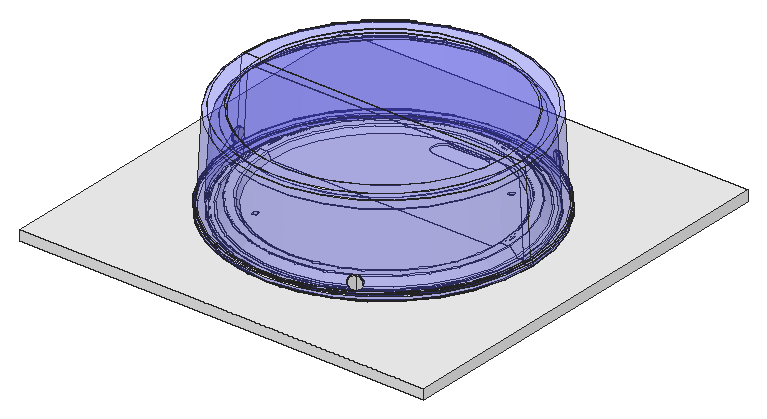
Revit family "BE_78635_de_DE", category Leuchten, Revit 2015
Parameters (values of type "BEGA_78635_K3")
  built-in parameter 1150104 = 13.8 (stored number, unit not read)
  Wattage = 9.2903 W
  Default Elevation = 0 mm
  built-in parameter 1150113 = 1 (stored number, unit not read)
  built-in parameter 1114218 = 1 (stored number, unit not read)
  Umgebungstemperatur = ""
  URL = "http://www.bega.de/produkt/78635"
  Typenkommentare = "© 2017 BEGA. Wir behalten uns das Recht vor, technische Änderungen ohne vorherige Ankündigung vorzunehmen."  # constant formula
  built-in parameter 1150134 = (empty or 0)
  built-in parameter 1150109 = 1 (stored number, unit not read)
  Strom = ""
  built-in parameter 1150110 = 1 (stored number, unit not read)
  Spannung = 239.996 V
  Sonderanfertigung = no
  Sockeltyp = ""
  Sockelanzahl = ""
  Seriennummer [instance] = "Hier können Sie die eindeutige Seriennummer für das Facility Management eintragen."
  Schutzklasse = "I"
  Schutzart = "IP 20"
  Scheinlast = 0 VA
  Produktdatenblatt = "http://www.bega.de/download/Xrfa/db/78635.db.de.pdf"
  Oberflächentemperatur = ""
  Neigungswinkel = 0.00°
  Modell = "78635"
  Material_17 = BEGA_Reflektor
  Material_15 = BEGA_Leuchtmedium_matt
  Material_11 = BEGA_Glas_opal
  Material_09 = BEGA_Glas_klar
  Material_06 = BEGA_Oberfläche_Edelstahl_gebürstet
  Material_05 = BEGA_Oberfläche_Aluminium Guss
  Material_03 = BEGA_Oberfläche_Weiss_matt
  Material_02 = BEGA_Oberfläche_Silber_matt
  Material_01 [instance] = BEGA_Oberfläche_Grafit_matt
  M_W = no
  M_G = no
  M_A = no
  Logo = 0
  built-in parameter 1114217 = 1 (stored number, unit not read)
  built-in parameter 1150139 = (empty or 0)
  built-in parameter 1150105 = 109.82 (stored number, unit not read)
  built-in parameter 1150114 = 1 (stored number, unit not read)
  Lumens = 1380 lm
  built-in parameter 1150115 = 1 (stored number, unit not read)
  Leuchtenlichtstrom = "1141 lm"
  Leuchtenanzahl = ""
  Lebensdauerkriterien = "L70 = 50.000 h"
  Lastklassifizierung = Beleuchtung
  built-in parameter 1150112 = 1 (stored number, unit not read)
  Lampenlichtstrom = "1860 lm"
  Lampe = "LED 11.6 W"
  LED_Modulbezeichnung = "4x LED-0293/930"
  Hersteller = "BEGA"  # constant formula
  Halbstreuwinkel = ""
  Gewicht = "3.5 kg"
  Gebrauchslageneinschränkung [instance] = ""
  Frequenz = "0/50-60 Hz"
  Farbwiedergabeindex = "Ra > 90"
  Farbtemperaturverschiebung bei Dämpfen der Lampe = <Keine Auswahl>
  Farbtemperatur = "3000 K"
  Color Filter = 16777215
  built-in parameter 1150133 = 10 (stored number, unit not read)
  Energieeffizienzklasse = "LED A++ - A"
  built-in parameter 1150137 = (empty or 0)
  built-in parameter 1150132 = (empty or 0)
  ENEC = ""
  Dimmbar [instance] = ""
  Datei für fotometrisches Netz = "BE_78635.IES"
  CE_Konformität = "ja"
  Bestellnummer = "78635"
  Beschreibung_Sonderanfertigung = "Hier können Sie Informationen zur Sonderanfertigung eintragen."
  Beschreibung = "Decken- und Wandleuchte"
  built-in parameter 1150106 = 1.0982 (stored number, unit not read)
  Befestigungsbohrung = "Ø 5,5 mm"
  Befestigungsabstand = "200 mm"
  Ballwurfsicher = ""
  BEGA_Intern_aus = yes
  BEGA_Intern_an = yes
  BEGA_Intern_Konstruktion = yes
  BEGA_Intern = yes
  BEGA_IES = yes
  BEGA_Dummy = no
  Anschlussleitung = ""
  Anschlussleistung [instance] = "13.6 W"
  Anschlusskasten = ""
  built-in parameter 1150107 = 3000 (stored number, unit not read)
  built-in parameter 1150102 = (empty or 0)
  built-in parameter 1150138 = (empty or 0)
  Aktualisierung = "2017-06-16T04:08:16"
  Abstand_zur_angestrahlten_Fläche [instance] = ""
  AC/DC = "AC/DC"
Types (2, lengths in mm): name | Modell | Leuchtenlichtstrom | Lampenlichtstrom | LED_Modulbezeichnung | Farbtemperatur | Datei für fotometrisches Netz | Bestellnummer
  BEGA_78635_K3 | "78635" | "1141 lm" | "1860 lm" | "4x LED-0293/930" | "3000 K" | "BE_78635.IES" | "78635"
  BEGA_78635_K4 | "78635K4" | "1177 lm" | "1920 lm" | "4x LED-0293/940" | "4000 K" | "BE_78635K4.IES" | "78635K4"
Reference planes
  plane 1 "Mitte (Vorne/Hinten)": y = 0
  plane 2: z = 0
  plane 3 "Mitte (Links/Rechts)": x = 0
  plane 4 "Links": x = -148
  plane 5 "Rechts": x = 148
  plane 6 "Unten": y = -148
  plane 7 "Oben": y = 148
  plane 8 "Vorne": z = 91.25
  plane 9 "Hinten": z = 0
Forms (mm)
  Extrusion 1, solid, material "BEGA_Platte_Weiss"
    sketch origin (0, -1119.2, 0) x (1, 0, 0) y (0, 1, 0)
      loop
        line (-200, 1319.2) -> (-200, 919.2) -> (200, 919.2) -> (200, 1319.2) -> (-200, 1319.2)
    from 0 to -10
  Extrusion 2, solid, material "BEGA_Dummy_matt", visible <- "BEGA_Dummy"
    sketch origin (77.149, -76.023, 0) x (1, 0, 0) y (0, 1, 0)
      loop
        circle (-77.149, 76.023) r 148
    from 0 to 91.25
Dimensions and locks
  plane 1 "Mitte (Vorne/Hinten)" to Extrusion 1 = 200 mm
  aligned and locked: plane 2 to Extrusion 1
  aligned and locked: level to Extrusion 1
Nested families
  nested 1: "BE_78635" at (0, 0, 0), type "BE_78635"
Connectors
  electrical at (0, 0, 0), driven by "Lastklassifizierung", driven by "Spannung", driven by "Scheinlast"
    settings: index 1, voltage 239.996 V, apparent load 0 VA, apparent load phase1 0 VA, apparent load phase2 0 VA, apparent load phase3 0 VA, power factor 1, load classification "Beleuchtung", number of poles 1, system type 31, power factor state 1, is connector primary yes, connector utility no, sub classification motor no, connector description ""
Definition of nested family "BE_78635"
  Parameters (values of type "BE_78635")
    Default Elevation = 1 mm
    URL = "http://www.bega.de/de/produkt"
    Type Comments = "© 2015 BEGA. Wir behalten uns das Recht vor, technische Änderungen ohne vorherige Ankündigung vorzunehmen. "  # constant formula
    Type Image = (empty or 0)
    Neigungswinkel_um_Z2 = 0.00°
    Neigungswinkel_um_Z1 = 0.00°
    Neigungswinkel_um_Y2 = 0.00°
    Neigungswinkel_um_Y1 = 0.00°
    Neigungswinkel_um_X2 = 0.00°
    Neigungswinkel_um_X1 = 0.00°
    Material_17 = none
    Material_15 = none
    Material_11 = none
    Material_09 = none
    Material_06 = none
    Material_05 = none
    Material_03 = none
    Material_02 = none
    Material_01 = none
    M_W = yes
    M_G = yes
    M_A = yes
    Länge_Platte = 400 mm  # constant formula
    Höhe_Platte = -10 mm  # constant formula
    Manufacturer = "BEGA"  # constant formula
    Drehwinkel_um_Z2 = 0.00°
    Drehwinkel_um_Z1 = 0.00°
    Breite_Platte = 400 mm  # constant formula
  Reference planes
    plane 1 "Mitte (Oben/Unten)": y = 0
    plane 2: z = 0
    plane 3 "Mitte (Links/Rechts)": x = 0
    plane 4: x = -148
    plane 5: z = 91.25
    plane 6: x = 148
    plane 7: y = -148
    plane 8: y = 148
  Forms (mm)
    Extrusion 1, solid, detail levels medium
      sketch origin (0, 0, 0) x (1, 0, 0) y (0, 1, 0)
        loop
          line (-200, 200) -> (-200, -200) -> (200, -200) -> (200, 200) -> (-200, 200)
      from 0 to -10 <- "Höhe_Platte"
    Revolve 2, solid, material <- "Material_03", detail levels medium+fine
      sketch origin (0, 0, 0) x (1, 0, 0) y (0, 0, 1)
        loop
          line (-144.5, 0) -> (-138.368, 0)
          arc (-138.368, 0) -> (-136.707, 0.733) -> (-136.116, 2.455) r 2.25
          arc (-136.116, 2.455) -> (-135.987, 2.837) -> (-135.618, 3) r 0.5
          line (-135.618, 3) -> (-131.735, 3)
          arc (-131.735, 3) -> (-130.42, 3.282) -> (-129.331, 4.072) r 3.25
          line (-129.331, 4.072) -> (-123.768, 10.25) -> (-115.701, 10.25) -> (-113.002, 5.172)
          arc (-113.002, 5.172) -> (-112.359, 4.498) -> (-111.461, 4.25) r 1.749
          line (-111.461, 4.25) -> (0, 4.25) -> (0, 5.5) -> (-111.76, 5.5) -> (-114.458, 10.572)
          arc (-114.458, 10.572) -> (-115.102, 11.25) -> (-116.003, 11.5) r 1.75
          line (-116.003, 11.5) -> (-123.766, 11.5)
          arc (-123.766, 11.5) -> (-124.276, 11.392) -> (-124.698, 11.085) r 1.254
          line (-124.698, 11.085) -> (-130.252, 4.917)
          arc (-130.252, 4.917) -> (-130.923, 4.426) -> (-131.735, 4.25) r 2
          line (-131.735, 4.25) -> (-135.618, 4.25)
          arc (-135.618, 4.25) -> (-136.91, 3.68) -> (-137.372, 2.341) r 1.75
          arc (-137.372, 2.341) -> (-137.629, 1.576) -> (-138.367, 1.25) r 1
          line (-138.367, 1.25) -> (-144.5, 1.25) -> (-144.5, 0)
        axis (0, 0) -> (0, 11.5)
      angle from 0 to 360
    Revolve 3, solid, material <- "Material_11", detail levels medium+fine
      sketch origin (0, 0, 0) x (1, 0, 0) y (0, 0, 1)
        loop
          line (0, 89.25) -> (-121, 89.25) -> (-123, 91.25) -> (-136.8, 91.25)
          arc (-136.8, 91.25) -> (-139.529, 90.175) -> (-140.791, 87.529) r 4
          line (-140.791, 87.529) -> (-144.95, 8.168)
          arc (-144.95, 8.168) -> (-145.26, 7.495) -> (-145.949, 7.22) r 1
          line (-145.949, 7.22) -> (-147, 7.22)
          arc (-147, 7.22) -> (-147.707, 6.927) -> (-148, 6.22) r 1
          line (-148, 6.22) -> (-148, 2.22)
          arc (-148, 2.22) -> (-147.707, 1.513) -> (-147, 1.22) r 1
          line (-147, 1.22) -> (-138.5, 1.22) -> (-138.5, 6.22) -> (-134.241, 75.853)
          arc (-134.241, 75.853) -> (-132, 80.407) -> (-127.272, 82.25) r 7
          line (-127.272, 82.25) -> (0, 82.25) -> (0, 89.25)
        axis (0, 1.22) -> (0, 91.25)
      angle from 0 to 360
    Revolve 4, void
      sketch origin (0, 0, 0) x (1, 0, 0) y (0, 0, 1)
        loop
          line (-145.377, 16.294) -> (-143.53, 16.198) -> (-143.203, 22.439) -> (-144.994, 23.603) -> (-145.377, 16.294)
        axis (-145.377, 16.294) -> (-143.53, 16.198)
      angle from 0 to 360
    Revolve 5, solid, material <- "Material_06", detail levels fine
      sketch origin (0, 0, 0) x (1, 0, 0) y (0, 0, 1)
        loop
          line (-145.777, 16.315) -> (-143.53, 16.198) -> (-143.216, 22.189) -> (-145.463, 22.307) -> (-145.777, 16.315)
        axis (-145.777, 16.315) -> (-143.53, 16.198)
      angle from 0 to 360
    Extrusion 6, void
      sketch origin (0, 0, 0) x (1, 0, 0) y (0, 1, 0)
        loop
          arc (-17.566, 105) -> (-27.566, 95) -> (-17.566, 85) r 10
          line (-17.566, 85) -> (16.434, 85)
          arc (16.434, 85) -> (26.434, 95) -> (16.434, 105) r 10
          line (16.434, 105) -> (-17.566, 105)
        loop
          circle (-67.559, -73.728) r 2.75
        loop
          circle (67.559, 73.728) r 2.75
      from 0 to 8.953
    Revolve 7, void
      sketch origin (0, 0, 0) x (-0.5, -0.866025, 0) y (0, 0, 1)
        loop
          line (-145.377, 16.294) -> (-143.53, 16.198) -> (-143.203, 22.439) -> (-144.994, 23.603) -> (-145.377, 16.294)
        axis (-145.377, 16.294) -> (-143.53, 16.198)
      angle from 0 to 360
    Revolve 8, void
      sketch origin (0, 0, 0) x (-0.5, 0.866025, 0) y (0, 0, 1)
        loop
          line (-145.377, 16.294) -> (-143.53, 16.198) -> (-143.203, 22.439) -> (-144.994, 23.603) -> (-145.377, 16.294)
        axis (-145.377, 16.294) -> (-143.53, 16.198)
      angle from 0 to 360
    Revolve 9, solid, material <- "Material_06", detail levels fine
      sketch origin (0, 0, 0) x (-0.5, -0.866025, 0) y (0, 0, 1)
        loop
          line (-145.777, 16.315) -> (-143.53, 16.198) -> (-143.216, 22.189) -> (-145.463, 22.307) -> (-145.777, 16.315)
        axis (-145.777, 16.315) -> (-143.53, 16.198)
      angle from 0 to 360
    Revolve 10, solid, material <- "Material_06", detail levels fine
      sketch origin (0, 0, 0) x (-0.5, 0.866025, 0) y (0, 0, 1)
        loop
          line (-145.777, 16.315) -> (-143.53, 16.198) -> (-143.216, 22.189) -> (-145.463, 22.307) -> (-145.777, 16.315)
        axis (-145.777, 16.315) -> (-143.53, 16.198)
      angle from 0 to 360
  Cuts and joins
    Revolve 4, Revolve 7, Revolve 8 cuts Revolve 3
    Extrusion 6 cuts Revolve 2
  Dimensions and locks
    equal spacing: Extrusion 1 sketch curve, plane 3 "Mitte (Links/Rechts)", Extrusion 1 sketch curve
    equal spacing: Extrusion 1 sketch curve, plane 1 "Mitte (Oben/Unten)", Extrusion 1 sketch curve
    "Länge_Platte": Extrusion 1 sketch curve to Extrusion 1 sketch curve
    "Breite_Platte": Extrusion 1 sketch curve to Extrusion 1 sketch curve
    aligned and locked: Extrusion 1 to plane 2
    aligned and locked: level to Extrusion 1
  Automatic sketch dimensions
    Revolve 2 sketch curve to plane 3 "Mitte (Links/Rechts)" = 0 mm  (x2)
    Revolve 2 sketch curve to Revolve 2 sketch curve = 0.002 mm  (x2)
    Revolve 2 sketch curve to Revolve 2 sketch curve = 0.922 mm
    Revolve 2 sketch curve to Revolve 2 sketch curve = 1.483 mm
    Revolve 2 sketch curve to Revolve 2 sketch curve = 0 mm  (x12)
    Revolve 2 sketch curve to Revolve 2 sketch curve = 1.491 mm
    Revolve 2 sketch curve to Revolve 2 sketch curve = 3.883 mm
    level to Revolve 2 sketch curve = 1.25 mm
    Revolve 2 sketch curve to Revolve 2 sketch curve = 2.749 mm
    level to Revolve 2 sketch curve = 0 mm
    Revolve 2 sketch curve to Revolve 2 sketch curve = 0.001 mm  (x2)
    Revolve 2 sketch curve to Revolve 2 sketch curve = 6.132 mm
    Revolve 2 sketch curve to Revolve 2 sketch curve = 1 mm
    level to Revolve 2 sketch curve = 2.5 mm
    Revolve 2 sketch curve to Revolve 2 sketch curve = 0.5 mm  (x2)
    Revolve 2 sketch curve to Revolve 2 sketch curve = 1.072 mm
    Revolve 2 sketch curve to Revolve 2 sketch curve = 1.25 mm  (x2)
    Revolve 2 sketch curve to Revolve 2 sketch curve = 0.845 mm
    Revolve 2 sketch curve to Revolve 2 sketch curve = 0.496 mm
    Revolve 2 sketch curve to Revolve 2 sketch curve = 0.004 mm
    Revolve 2 sketch curve to Revolve 2 sketch curve = 1.242 mm
    Revolve 2 sketch curve to Revolve 2 sketch curve = 1.243 mm
    Revolve 2 sketch curve to Revolve 2 sketch curve = 0.932 mm
    Revolve 2 sketch curve to Revolve 2 sketch curve = 0.498 mm
    Revolve 2 sketch curve to Revolve 2 sketch curve = 0.011 mm  (x2)
    Revolve 2 sketch curve to Revolve 2 sketch curve = 1.007 mm
    Revolve 2 sketch curve to Revolve 2 sketch curve = 1.849 mm
    Revolve 2 sketch curve to Revolve 2 sketch curve = 1.902 mm
    Revolve 2 sketch curve to Revolve 2 sketch curve = 0.415 mm
    level to Revolve 2 sketch curve = 4.25 mm
    Revolve 2 sketch curve to Revolve 2 sketch curve = 3.001 mm
    Revolve 2 sketch curve to Revolve 2 sketch curve = 0.302 mm
    Revolve 2 sketch curve to Revolve 2 sketch curve = 4.25 mm
    Revolve 2 sketch curve to Revolve 2 sketch curve = 0.328 mm
    Revolve 2 sketch curve to Revolve 2 sketch curve = 0.299 mm
    Extrusion 6 sketch curve to plane 3 "Mitte (Links/Rechts)" = 17.566 mm
    Extrusion 6 sketch curve to Extrusion 6 sketch curve = 10 mm  (x2)
    Extrusion 6 sketch curve to Extrusion 6 sketch curve = 0 mm  (x3)
    plane 3 "Mitte (Links/Rechts)" to Extrusion 6 sketch curve = 16.434 mm  (x2)
    Revolve 3 sketch curve to plane 3 "Mitte (Links/Rechts)" = 0 mm  (x2)
    Revolve 3 sketch curve to Revolve 3 sketch curve = 6.974 mm
    Revolve 3 sketch curve to Revolve 3 sketch curve = 9.528 mm
    level to Revolve 3 sketch curve = 6.22 mm
    Revolve 3 sketch curve to Revolve 3 sketch curve = 3.99 mm
    Revolve 3 sketch curve to Revolve 3 sketch curve = 7.449 mm
    level to Revolve 3 sketch curve = 2.22 mm
    Revolve 3 sketch curve to Revolve 3 sketch curve = 1.051 mm  (x2)
    Revolve 3 sketch curve to Revolve 3 sketch curve = 1 mm  (x2)
    Revolve 3 sketch curve to Revolve 3 sketch curve = 4 mm
    Revolve 3 sketch curve to Revolve 3 sketch curve = 0.603 mm
    level to Revolve 3 sketch curve = 8.168 mm
    Revolve 3 sketch curve to Revolve 3 sketch curve = 0.999 mm
    Revolve 3 sketch curve to Revolve 3 sketch curve = 0 mm  (x2)
    Revolve 3 sketch curve to Revolve 3 sketch curve = 12.322 mm
    Revolve 4 sketch curve to Revolve 4 sketch curve = 0.327 mm
    Revolve 4 sketch curve to Revolve 4 sketch curve = 1.792 mm
    Revolve 4 sketch curve to Revolve 4 sketch curve = 1.848 mm
    Revolve 4 sketch curve to Revolve 4 sketch curve = 6.241 mm
    Revolve 4 sketch curve to Revolve 4 sketch curve = 0.097 mm
    Revolve 4 sketch curve to Revolve 4 sketch curve = 1.163 mm
    Revolve 4 sketch curve to Revolve 4 sketch curve = 2.845 mm
    Revolve 4 sketch curve to Revolve 4 sketch curve = 10.692 mm
    Revolve 4 sketch curve to Revolve 4 sketch curve = 0.56 mm
    Revolve 4 sketch curve to Revolve 4 sketch curve = 0.149 mm
    Revolve 7 sketch curve to Revolve 7 sketch curve = 0.327 mm
    Revolve 7 sketch curve to Revolve 7 sketch curve = 1.792 mm
    Revolve 7 sketch curve to Revolve 7 sketch curve = 1.848 mm
    Revolve 7 sketch curve to Revolve 7 sketch curve = 6.241 mm
    Revolve 7 sketch curve to Revolve 7 sketch curve = 0.097 mm
    Revolve 7 sketch curve to Revolve 7 sketch curve = 1.163 mm
    Revolve 7 sketch curve to Revolve 7 sketch curve = 2.845 mm
    Revolve 7 sketch curve to Revolve 7 sketch curve = 10.692 mm
    Revolve 7 sketch curve to Revolve 7 sketch curve = 0.56 mm
    Revolve 7 sketch curve to Revolve 7 sketch curve = 0.149 mm
    Revolve 8 sketch curve to Revolve 8 sketch curve = 0.327 mm
    Revolve 8 sketch curve to Revolve 8 sketch curve = 1.792 mm
    Revolve 8 sketch curve to Revolve 8 sketch curve = 1.848 mm
    Revolve 8 sketch curve to Revolve 8 sketch curve = 6.241 mm
    Revolve 8 sketch curve to Revolve 8 sketch curve = 0.097 mm
    Revolve 8 sketch curve to Revolve 8 sketch curve = 1.163 mm
    Revolve 8 sketch curve to Revolve 8 sketch curve = 2.845 mm
    Revolve 8 sketch curve to Revolve 8 sketch curve = 10.692 mm
    Revolve 8 sketch curve to Revolve 8 sketch curve = 0.56 mm
    Revolve 8 sketch curve to Revolve 8 sketch curve = 0.149 mm
    level to Revolve 4 sketch curve = 16.198 mm
    level to Revolve 7 sketch curve = 16.294 mm
    level to Revolve 8 sketch curve = 16.294 mm
    Revolve 5 sketch curve to Revolve 5 sketch curve = 0.314 mm
    Revolve 5 sketch curve to Revolve 5 sketch curve = 2.247 mm  (x2)
    Revolve 5 sketch curve to Revolve 5 sketch curve = 0.118 mm  (x2)
    Revolve 5 sketch curve to Revolve 5 sketch curve = 2.445 mm
    Revolve 5 sketch curve to Revolve 5 sketch curve = 10.692 mm
    Revolve 5 sketch curve to Revolve 5 sketch curve = 0.56 mm
    Revolve 5 sketch curve to Revolve 5 sketch curve = 0.128 mm
    Revolve 9 sketch curve to Revolve 9 sketch curve = 0.314 mm
    Revolve 9 sketch curve to Revolve 9 sketch curve = 2.247 mm  (x2)
    Revolve 9 sketch curve to Revolve 9 sketch curve = 0.118 mm  (x2)
    Revolve 9 sketch curve to Revolve 9 sketch curve = 2.445 mm
    Revolve 9 sketch curve to Revolve 9 sketch curve = 10.692 mm
    Revolve 9 sketch curve to Revolve 9 sketch curve = 0.56 mm
    Revolve 9 sketch curve to Revolve 9 sketch curve = 0.128 mm
    Revolve 10 sketch curve to Revolve 10 sketch curve = 0.314 mm
    Revolve 10 sketch curve to Revolve 10 sketch curve = 2.247 mm  (x2)
    Revolve 10 sketch curve to Revolve 10 sketch curve = 0.118 mm  (x2)
    Revolve 10 sketch curve to Revolve 10 sketch curve = 2.445 mm
    Revolve 10 sketch curve to Revolve 10 sketch curve = 10.692 mm
    Revolve 10 sketch curve to Revolve 10 sketch curve = 0.56 mm
    Revolve 10 sketch curve to Revolve 10 sketch curve = 0.128 mm
    level to Revolve 5 sketch curve = 16.198 mm
    level to Revolve 9 sketch curve = 16.315 mm
    level to Revolve 10 sketch curve = 16.315 mm
    Revolve 2 sketch curve to Revolve 2 sketch curve = 111.461 mm
    Revolve 2 sketch curve to Revolve 2 sketch curve = 7.763 mm
    Revolve 2 sketch curve to Revolve 2 sketch curve = 5.565 mm
    Revolve 3 sketch curve to Revolve 3 sketch curve = 121 mm
    Revolve 3 sketch curve to Revolve 3 sketch curve = 2 mm  (x2)
    Revolve 3 sketch curve to Revolve 3 sketch curve = 6.267 mm
    Revolve 3 sketch curve to Revolve 3 sketch curve = 4.259 mm
    Revolve 4 sketch curve to plane 3 "Mitte (Links/Rechts)" = 145.377 mm
    Revolve 5 sketch curve to plane 3 "Mitte (Links/Rechts)" = 145.777 mm
    level to Revolve 3 sketch curve = 87.529 mm
    Revolve 3 sketch curve to Revolve 3 sketch curve = 6.55 mm
    Revolve 3 sketch curve to Revolve 3 sketch curve = 12.279 mm
    Revolve 3 sketch curve to Revolve 3 sketch curve = 0.279 mm
    Extrusion 6 sketch curve to plane 3 "Mitte (Links/Rechts)" = 67.559 mm
    Extrusion 6 sketch curve to Extrusion 6 sketch curve = 51.125 mm
    plane 1 "Mitte (Oben/Unten)" to Extrusion 6 sketch curve = 73.728 mm
    Extrusion 6 sketch curve to plane 1 "Mitte (Oben/Unten)" = 73.728 mm
    Extrusion 6 sketch curve to plane 1 "Mitte (Oben/Unten)" = 85 mm
    radius of Extrusion 6 sketch curve = 2.75 mm  (x2)
